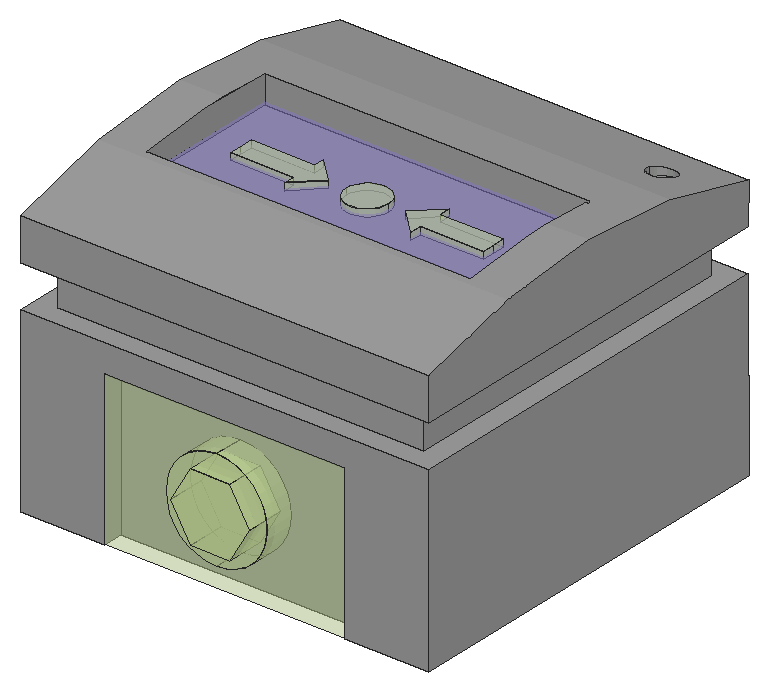
Revit family "Maxlogic akıllı adresli buton harici tip", category Fire Alarm Devices, host Face, Revit 2021
Family settings
  Host = Face
  Maintain Annotation Orientation = Yes
  Round Connector Dimension = Use Diameter
  Part Type = Normal
  OmniClass Number = 23.85.30.21
  OmniClass Title = Environmental Detection/Registration
  Cut with Voids When Loaded = No
  Shared = No
  Room Calculation Point = No
Parameters (values of type "Maxlogic Akıllı Adresli Kısa Devre İzolatörlü IP67 Resetlenebilir Buton")
  Weight = "270 g"
  Weatherproof surface mounting back box = ""
  Warranty Duration Unit = "Year"
  Warranty Duration Parts = "2"
  Warranty Duration Labor = "2"
  Version = ""
  URL = "https://www.mavili.com.tr/"
  Recessed mounting base = ""
  Public Works Pose Number = ""
  Protective Cover = "PS200"
  Protection Sign = "IP67"
  Product Code = "ML-1730.SCI"
  Phone Number = "(+)90 216 466 45 05"
  Operatonal Voltage (default) = "24 V/DC"
  Operating voltage range = "18-33V/DC"
  Operating temperature = "(-30°C) - (+70°C)"
  Nominal Depth = "71 mm"
  Nominal Width = "93 mm"
  Nominal Height = "97,5 mm"
  Mounting surface = "Duvara montaj"
  Mounting height = "Zeminden 1.4m yukarı (+/- 200mm)"
  Model = "MaxLogic"
  Manufacturer = "Mavili Elektronik Ticaret A.Ş."
  Installation Manual = "https://mavilielektronik.com/Revit/ML1730_kk.pdf"
  Indicator output = ""
  Fax Number = "(+)90 216 466 45 10"
  External supply = ""
  Email = "mavili@mavili.com.tr"
  Disclaimer = ""
  Device Adress Setup = "El tipi adresleme cihazı"
  Description = "Akıllı Adresli Kısa Devre İzolatörlü IP67 Resetlenebilir Buton"
  Default Elevation = 0 mm
  Current consumption = ""
  Cost unıt = ""
  Cost = 0
  Compatible sockets = ""
  Color = "Kırmızı"
  Code Performance = "EN 54-11 ve EN 54-17"
  Main Material = "Red Plastic PC/ABS"
  Secondary Material = "Plastic"
  Address line 1 = "Şerifali Mahallesi Kutup Sokak No:27/1-2-4 Ümraniye TR-34775 İSTANBUL"
Types (3, lengths in mm): name | Product Code | Description
  (no name) | "ML-1730.SCI" | "Akıllı Adresli Kısa Devre İzolatörlü IP67 Resetlenebilir Buton"
  Maxlogic Akıllı Adresli IP67 Resetlenebilir Buton | "ML-1730" | "Akıllı Adresli IP67 Resetlenebilir Buton"
  Maxlogic Akıllı Adresli Kısa Devre İzolatörlü IP67 Resetlenebilir Buton | "ML-1730.SCI" | "Akıllı Adresli Kısa Devre İzolatörlü IP67 Resetlenebilir Buton"
Reference planes
  plane 1 "Center (Front/Back)": y = 0
  plane 2: z = 0
  plane 3 "Center (Left/Right)": x = 0
Forms (mm)
  Extrusion 1, solid, material "MAVİLİ KIRMIZI"
    sketch origin (0, 0, 0) x (0, 1, 0) y (0, 0, 1)
      loop
        line (0, 0) -> (0, 43) -> (-95, 43) -> (-95, 0) -> (0, 0)
    from 0 to 97
  Extrusion 2, solid, material "MAVİLİ KIRMIZI"
    sketch origin (0, 0, 0) x (0, 1, 0) y (0, 0, 1)
      loop
        line (-5, 43) -> (-5, 53) -> (0, 53) -> (0, 63)
        arc (0, 63) -> (-47.5, 71) -> (-95, 63) r 145.016
        line (-95, 63) -> (-95, 53) -> (-90, 53) -> (-90, 43) -> (-5, 43)
    from 0 to 97
  Extrusion 3, void
    sketch origin (0, 0, 0) x (1, 0, 0) y (0, 0, 1)
      loop
        line (97, 53) -> (92, 53) -> (92, 43) -> (97, 43) -> (97, 53)
    from 0 to 97
  Extrusion 4, void
    sketch origin (97, 0, 0) x (-1, 0, 0) y (0, 0, -1)
      loop
        line (97, -53) -> (97, -43) -> (92, -43) -> (92, -53) -> (97, -53)
    from 0 to 97
  Extrusion 5, void
    sketch origin (0, 0, 0) x (1, 0, 0) y (0, 1, 0)
      loop
        line (87, -70) -> (87, -35) -> (10, -35) -> (10, -70) -> (87, -70)
    from 63.812 to 71.012
  Extrusion 6, void
    sketch origin (0, 0, 0) x (0, 0, -1) y (1, 0, 0)
      loop
        line (-36.479, 77) -> (-36.479, 20) -> (0, 20) -> (0, 77) -> (-36.479, 77)
    from 0 to 5
  Extrusion 7, solid, material "MAVİLİ SİYAH"
    sketch origin (0, -5, 0) x (0, 0, 1) y (1, 0, 0)
      loop
        line (36.479, 77) -> (0, 77) -> (0, 20) -> (36.479, 20) -> (36.479, 77)
    from 0 to 5
  Extrusion 8, solid, material "MAVİLİ SİYAH"
    sketch origin (0, -5, 0) x (0, 0, 1) y (1, 0, 0)
      loop
        circle (18.426, 61.121) r 12
      loop
        circle (18.426, 35.879) r 12
    from 0 to 7.605
  Extrusion 9, solid, material "MAVİLİ SİYAH"
    sketch origin (0, -5, 0) x (0, 0, 1) y (1, 0, 0)
      loop
        line (18.426, 71.121) -> (9.766, 66.121) -> (9.766, 56.121) -> (18.426, 51.121) -> (27.086, 56.121) -> (27.086, 66.121) -> (18.426, 71.121)
      loop
        line (18.426, 45.879) -> (9.766, 40.879) -> (9.766, 30.879) -> (18.426, 25.879) -> (27.086, 30.879) -> (27.086, 40.879) -> (18.426, 45.879)
    from 0 to 9.14
  Extrusion 10, solid, material "MAVİLİ SİYAH"
    sketch origin (0, 0, 63.812) x (1, 0, 0) y (0, 1, 0)
      loop
        circle (48.5, -52.5) r 5
      loop
        line (78.5, -52.5) -> (78.5, -49.471) -> (63.5, -49.471) -> (63.5, -46.707) -> (57.707, -52.5) -> (63.5, -58.293) -> (63.5, -55.529) -> (78.5, -55.529) -> (78.5, -52.5)
      loop
        line (18.5, -52.5) -> (18.5, -55.529) -> (33.5, -55.529) -> (33.5, -58.293) -> (39.293, -52.5) -> (33.5, -46.707) -> (33.5, -49.471) -> (18.5, -49.471) -> (18.5, -52.5)
    from 0 to 1.764
  Extrusion 11, solid, material "MAVİLİ BEYAZ"
    sketch origin (0, 0, 63.812) x (1, 0, 0) y (0, 1, 0)
      loop
        line (10, -35) -> (10, -70) -> (87, -70) -> (87, -35) -> (10, -35)
    from -7.588 to 0.743
  Extrusion 12, void
    sketch origin (0, -95, 0) x (0, 0, -1) y (-1, 0, 0)
      loop
        line (-36.479, -20) -> (-36.479, -77) -> (0, -77) -> (0, -20) -> (-36.479, -20)
    from 0 to 5
  Extrusion 13, solid, material "MAVİLİ SİYAH"
    sketch origin (0, -90, 0) x (0, 0, 1) y (-1, 0, 0)
      loop
        line (36.479, -20) -> (0, -20) -> (0, -77) -> (36.479, -77) -> (36.479, -20)
    from 0 to 5
  Extrusion 14, solid, material "MAVİLİ SİYAH"
    sketch origin (0, -90, 0) x (0, 0, 1) y (-1, 0, 0)
      loop
        circle (18.24, -48.5) r 12
    from 0 to 7.218
  Extrusion 15, solid, material "MAVİLİ SİYAH"
    sketch origin (0, -90, 0) x (0, 0, 1) y (-1, 0, 0)
      loop
        line (26.291, -43.836) -> (18.125, -39.122) -> (9.96, -43.836) -> (9.96, -53.265) -> (18.125, -57.979) -> (26.291, -53.265) -> (26.291, -43.836)
    from 0 to 9.245
  Extrusion 16, void
    sketch origin (0, 0, 63.812) x (0, 1, 0) y (1, 0, 0)
      loop
        circle (-13.211, 87) r 3.15
    from -6.01 to -0.743
Cuts and joins
  Extrusion 3, Extrusion 4, Extrusion 5, Extrusion 6, Extrusion 12 cuts Extrusion 1
  Extrusion 3, Extrusion 4, Extrusion 5, Extrusion 16 cuts Extrusion 2
Dimensions and locks
  Extrusion 1 to host face = 43 mm
  aligned and locked: plane 2 to host face
  aligned and locked: level to host face
